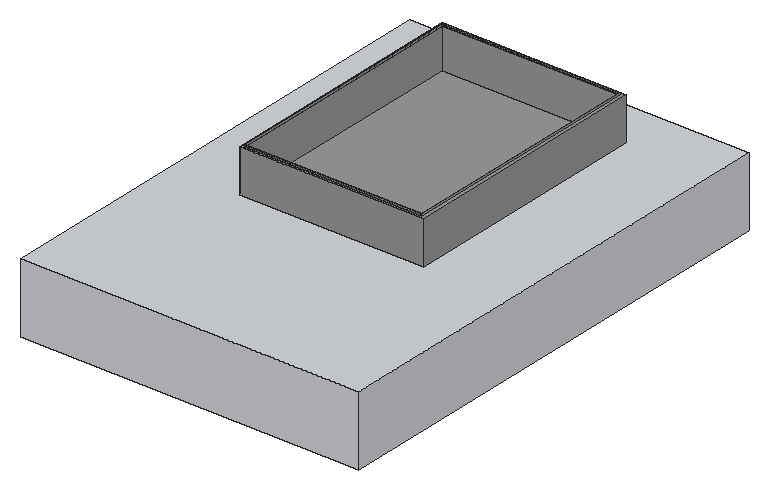
Revit family "Hager-Univers-IP30-D205-H1100-Cl.II-Encl-CH-it", category Equipement électrique, Revit 2020
Family settings
  Hôte = Face
  Configuration du panneau = Deux colonnes, circuits au sein
  Cote de connecteur circulaire = Utiliser le diamètre
  Type d'élément = Tableau de raccordement
  Couper avec des vides une fois chargée = Non
  Partagée = Non
  Point de calcul de pièce = Non
Parameters (values of type "A parete IP30 L800 A1100 P205  - FP73Q1S")
  Width Control [instance] = if([EF000008 - Larghezza] > Min Width, [EF000008 - Larghezza], Min Width)  # 800 mm
  Commentaires du type = [HG000003 - Gamma]  # "Univers"
  Thickness Door [instance] = if([EF009171 - spessore materiale porta/coperchio] > 3 mm, 3 mm, [EF009171 - spessore materiale porta/coperchio])  # 1 mm
  Seal Frame Offset [instance] = 17 mm  # constant formula
  Plinth Visibility [instance] = [HG000027 - Altezza dello zoccolo] > 0 mm  # no
  Model = ""
  Min Width [instance] = 100 mm  # constant formula
  Min Height [instance] = 100 mm  # constant formula
  Min Depth [instance] = (2 * [EF009170 - spessore materiale scatola]) + 1 mm  # 3 mm
  Internal Frame Depth [instance] = (Door System Depth * 0.5)  # 9 mm
  Height Control [instance] = if([EF000040 - Altezza] > Min Height, [EF000040 - Altezza], Min Height)  # 1100 mm
  HG000027 - Altezza dello zoccolo = 0 mm
  HG000026 - A pavimento = no
  HG000024 - Altezza della sezione inferiore = 800 mm
  HG000023 - Custodia a doppia sezione = no
  HG000016 - Visibilità delle porte nella vista 3D [instance] = yes
  HG000015 - Visibilità attraverso la porta [instance] = no
  HG000014 - Porta destra [instance] = yes
  HG000013 - Porta sinistra [instance] = not([HG000014 - Porta destra])  # no
  HG000012 - Angolo di apertura della porta [instance] = 30.00°
  HG000010 - Porte asimmetriche = no
  HG000009 - Porta doppia a battente = no
  HG000006 - Ad incasso = no
  HG000004 - Codice produttore = "FP73Q1S"
  HG000003 - Gamma = "Univers"
  HG000002 - Con porta = no
  Frame Offset Bottom [instance] = 10 mm  # constant formula
  Frame Offset [instance] = 15 mm  # constant formula
  EF015940 - Coprire con rilascio di sovrapressione = no
  EF011959 - tipo di protezione (NEMA) = ""
  EF009554 - numero delle aperture per la piastra della flangia = 6
  Fabricant = "Hager"  # constant formula
  EF009212 - esecuzione coperchio = "EV009916 - con taglio"
  EF009171 - spessore materiale porta/coperchio = 1 mm
  EF009170 - spessore materiale scatola = 1 mm
  EF008873 - corrente nominale (In) = 250 A
  EF007800 - adatto per parafulmine = no
  EF006306 - con serratura = no
  EF006244 - coperchio/porta trasparente = no
  EF005474 - grado di protezione (IP) = "EV006410 - IP30"
  EF004464 - tipo di porta = "EV000494 - senza"
  EF004427 - numero di moduli = 252
  EF004293 - resistenza agli urti = "EV006813 - IK07"
  EF003532 - adatto per uso esterno = no
  EF002950 - Numero moduli DIN = 36
  EF001613 - Integrità del circuito = "EV000494 - senza"
  EF001596 - Attacco Lampada = "EV000179 - acciaio"
  EF001131 - profondità interna = 130 mm
  EF001088 - possibilità di applicazione = yes
  EF000437 - numero di ingressi per conduttori = 6
  EF000339 - tipo di copertura = "EV000494 - senza"
  EF000266 - numero di file = 7
  EF000218 - profondità di incasso = 0 mm
  EF000118 - con piastra di montaggio = no
  EF000116 - numero RAL = "9010"
  EF000049 - profondità = 205 mm
  EF000040 - Altezza = 1100 mm
  EF000008 - Larghezza = 800 mm
  EF000007 - colore = "EV000202 - bianco"
  EF000003 - Tipo di montaggio = "EV000384 - A parete"
  Door System Leaf Tolerance [instance] = 1.5 mm  # constant formula
  Door System Depth [instance] = 18 mm  # constant formula
  Door Height [instance] = Height Control - [HG000027 - Altezza dello zoccolo]  # 1100 mm
  Depth Control [instance] = if([EF000049 - profondità] > Min Depth, [EF000049 - profondità], Min Depth)  # 205 mm
  Default Elevation = 0 mm
  Connector Offset [instance] = Height Control / 2  # 550 mm
  Bottom Top Plate Trim [instance] = 1.5 mm  # constant formula
  Plinth height Ctrl [instance] = if([HG000027 - Altezza dello zoccolo] > 0 mm, [HG000027 - Altezza dello zoccolo], 12 mm)  # 12 mm
Types (5, lengths in mm): name | Width Control | HG000004 - Codice produttore | EF009554 - numero delle aperture per la piastra della flangia | EF004427 - numero di moduli | EF002950 - Numero moduli DIN | EF000437 - numero di ingressi per conduttori | EF000008 - Larghezza
  A parete IP30 L1050 A1100 P205  - FP74Q1S | 1050 | "FP74Q1S" | 8 | 336 | 48 | 8 | 1050
  A parete IP30 L1300 A1100 P205  - FP75Q1S | 1300 | "FP75Q1S" | 10 | 420 | 60 | 10 | 1300
  A parete IP30 L300 A1100 P205  - FP71Q1S | 300 | "FP71Q1S" | 2 | 84 | 12 | 2 | 300
  A parete IP30 L550 A1100 P205  - FP72Q1S | 550 | "FP72Q1S" | 4 | 168 | 24 | 4 | 550
  A parete IP30 L800 A1100 P205  - FP73Q1S | 800 | "FP73Q1S" | 6 | 252 | 36 | 6 | 800
Reference planes
  plane 1 "Center (Front/Back)": y = 0
  plane 2: z = 0
  plane 3 "Center (Left/Right)": x = 0
  plane 4: z = 205
  plane 5: y = 1
  plane 6: y = 550
  plane 7: y = 0
  plane 8: y = 1100
  plane 9: z = 0
  plane 10: x = -385
  plane 11: x = 385
  plane 12: x = 384
  plane 13: x = -384
  plane 14: y = 1099
  plane 15: x = -383
  plane 16: x = -400
  plane 17: x = 383
  plane 18: x = 400
  plane 19: x = 399
  plane 20: x = -399
  plane 21: y = 11
  plane 22: y = 1100
  plane 23: y = 1084
  plane 24: z = 187
  plane 25: z = 1
  plane 26: z = 186
  plane 27: z = 204
Forms (mm)
  Extrusion 1, solid
    sketch origin (0, 0, 0) x (1, 0, 0) y (0, 1, 0)
      loop
        line (-702.964, 1305) -> (-702.964, -811.445) -> (766.763, -811.445) -> (766.763, 1305) -> (-702.964, 1305)
    from 0 to -304.8
  Extrusion 2, solid, material "Hager_Steel_RAL7035_Light_Grey", visible <- "Plinth Visibility", detail levels medium+fine
    sketch origin (0, 0, 0) x (1, 0, 0) y (0, 1, 0)
      loop
        line (-400, 0) -> (400, 0) -> (400, 12) -> (-400, 12) -> (-400, 0)
    from 0 to 187
  Extrusion 3, solid, material "Hager_Steel_RAL7035_Light_Grey", detail levels medium+fine
    sketch origin (0, 0, 0) x (1, 0, 0) y (0, 1, 0)
      loop
        line (-400, 0) -> (400, 0) -> (400, 1100) -> (-400, 1100) -> (-400, 0)
    from 0 to 187
  Extrusion 4, void
    sketch origin (0, 0, 0) x (1, 0, 0) y (0, 1, 0)
      loop
        line (-399, 1) -> (399, 1) -> (399, 1099) -> (-399, 1099) -> (-399, 1)
    from 1 to 186
  Extrusion 5, void
    sketch origin (-381.607, -4572, 187) x (0, -1, 0) y (-1, 0, 0)
      loop
        line (-4583, 2.393) -> (-5656, 2.393) -> (-5656, -765.607) -> (-4583, -765.607) -> (-4583, 2.393)
    from 0 to 1 <- "EF009170 - spessore materiale scatola"
  Extrusion 6, solid, material "Hager_Steel_RAL7035_Light_Grey", detail levels fine
    sketch origin (0, 0, 187) x (1, 0, 0) y (0, 1, 0)
      loop
        line (-384, 1084) -> (-384, 11) -> (384, 11) -> (384, 1084) -> (-384, 1084)
      loop
        line (-385, 10) -> (385, 10) -> (385, 1085) -> (-385, 1085) -> (-385, 10)
    from 0 to 9 <- "Internal Frame Depth"
  Extrusion 7, solid, material "Hager_Steel_RAL7035_Light_Grey", detail levels coarse
    sketch origin (0, 0, 0) x (1, 0, 0) y (0, 1, 0)
      loop
        line (-400, 0) -> (400, 0) -> (400, 1100) -> (-400, 1100) -> (-400, 0)
    from 0 to 205
  Sweep 8, void
    path in 3D
      loop
        line (-400, 12, 0) -> (400, 12, 0) -> (400, 12, 187) -> (-400, 12, 187) -> (-400, 12, 0)
    profile origin (-400, 12, 93.5) x (-1, 0, 0) y (0, -1, 0)
      loop
        line (0, 0) -> (0, 1.5) -> (-1.5, 1.5)
        arc (-1.5, 1.5) -> (-1.061, 0.439) -> (0, 0) r 1.5
Cuts and joins
  Extrusion 4, Extrusion 5 cuts Extrusion 3
  Sweep 8 cuts Extrusion 2
Lines and regions (mm)
  Masking region 1
    outline origin (0, 0, 0) x (1, 0, 0) y (0, 0, 1)
      loop
        line (-400, 205) -> (-400, 0) -> (400, 0) -> (400, 205) -> (-400, 205)
  Masking region 2, detail levels medium+fine
    outline origin (0, 140, 0) x (0, 1, 0) y (0, 0, 1)
      loop
        line (-140, 0) -> (960, 0) -> (960, 187) -> (-140, 187) -> (-140, 0)
  Masking region 3, not visible, detail levels medium+fine
    outline origin (0, 297.922, 0) x (0, 1, 0) y (0, 0, 1)
      loop
        line (263.578, 0) -> (303.578, 0) -> (303.578, 194)
        arc (303.578, 194) -> (300.649, 201.071) -> (293.578, 204) r 10
        line (293.578, 204) -> (263.578, 204) -> (263.578, 0)
  Masking region 4, detail levels coarse
    outline origin (0, 0, 180) x (0, 1, 0) y (0, 0, 1)
      loop
        line (0, -180) -> (1100, -180) -> (1100, 25) -> (0, 25) -> (0, -180)
  Masking region 5, visible <- "Plinth Visibility", detail levels medium+fine
    outline origin (0, 52.24, 12.345) x (0, 0, -1) y (0, 1, 0)
      loop
        line (10.845, -40.24) -> (-173.155, -40.24)
        arc (-173.155, -40.24) -> (-173.594, -41.301) -> (-174.655, -41.74) r 1.5
        line (-174.655, -41.74) -> (-174.655, -52.24) -> (12.345, -52.24) -> (12.345, -41.74)
        arc (12.345, -41.74) -> (11.285, -41.301) -> (10.845, -40.24) r 1.5
  Masking region 6, detail levels medium+fine
    outline origin (-381.607, -4572, 187) x (-1, 0, 0) y (0, -1, 0)
      loop
        line (18.393, -5672) -> (18.393, -4572) -> (-781.607, -4572) -> (-781.607, -5672) -> (18.393, -5672)
  Masking region 7, visible <- "Plinth Visibility", detail levels medium+fine
    outline origin (-381.607, -4727, 187) x (-1, 0, 0) y (0, -1, 0)
      loop
        arc (16.893, -4739) -> (17.332, -4737.939) -> (18.393, -4737.5) r 1.5
        line (18.393, -4737.5) -> (18.393, -4727) -> (-781.607, -4727) -> (-781.607, -4737.5)
        arc (-781.607, -4737.5) -> (-780.546, -4737.939) -> (-780.107, -4739) r 1.5
        line (-780.107, -4739) -> (16.893, -4739)
  Masking region 8, detail levels coarse
    outline origin (-442.548, -4669.526, 187) x (-1, 0, 0) y (0, -1, 0)
      loop
        line (-42.548, -5769.526) -> (-42.548, -4669.526) -> (-842.548, -4669.526) -> (-842.548, -5769.526) -> (-42.548, -5769.526)
  sketch lines
    curve 1: line (-400, 12, 187) -> (-400, 12, 0)
    curve 2: line (400, 12, 187) -> (-400, 12, 187)
    curve 3: line (400, 12, 187) -> (400, 12, 0)
    curve 4: line (-400, 12, 0) -> (400, 12, 0)
Dimensions and locks
  "Depth Control": plane 4 to Extrusion 1
  "HG000027 - Altezza dello zoccolo": plane 1 "Center (Front/Back)" to plane 7
  "EF009170 - spessore materiale scatola": plane 5 to plane 7
  locked: connector elem to plane 3 "Center (Left/Right)"
  equal spacing: plane 8, plane 6, plane 7
  locked: connector elem to plane 6
  "EF009170 - spessore materiale scatola": plane 8 to plane 14
  "EF009170 - spessore materiale scatola": plane 10 to plane 13
  "EF009170 - spessore materiale scatola": plane 12 to plane 11
  "Frame Offset": plane 20 to plane 13
  "Frame Offset": plane 12 to plane 19
  "EF009170 - spessore materiale scatola": plane 16 to plane 20
  "EF009170 - spessore materiale scatola": plane 19 to plane 18
  "Seal Frame Offset": plane 16 to plane 15
  "Seal Frame Offset": plane 17 to plane 18
  "Frame Offset Bottom": plane 21 to plane 5
  "Frame Offset": plane 14 to plane 23
  equal spacing: plane 16, plane 3 "Center (Left/Right)", plane 18
  "Width Control": plane 16 to plane 18
  "EF009170 - spessore materiale scatola": plane 4 to plane 27
  "EF009170 - spessore materiale scatola": plane 24 to plane 26
  "EF009170 - spessore materiale scatola": plane 25 to level
  "Door System Depth": plane 4 to plane 24
  "Height Control": plane 1 "Center (Front/Back)" to Extrusion 7 sketch curve
  "Height Control": Masking region 4 sketch curve to plane 1 "Center (Front/Back)"
  "Height Control": plane 1 "Center (Front/Back)" to plane 22
  "Bottom Top Plate Trim": profile plane to Sweep 8 sketch curve
  "Bottom Top Plate Trim": Sweep 8 sketch curve to profile plane
  "Plinth height Ctrl": plane 1 "Center (Front/Back)" to Extrusion 2 sketch curve
  "Plinth height Ctrl": Masking region 5 sketch curve to plane 1 "Center (Front/Back)"
  "Plinth height Ctrl": plane 1 "Center (Front/Back)" to Masking region 7 sketch curve
  "Thickness Door": Extrusion 6 sketch curve to Extrusion 6 sketch curve  (x3)
  "Thickness Door": cut or joined group of Extrusion 3, Extrusion 4, Extrusion 5 to Extrusion 6 sketch curve
  radius of Masking region 3 sketch curve = 10 mm
  "Bottom Top Plate Trim": radius of Masking region 5 sketch curve  (x2)
  "Bottom Top Plate Trim": radius of Sweep 8 sketch curve
  "Bottom Top Plate Trim": radius of Masking region 7 sketch curve  (x2)
  aligned and locked: plane 2 to Extrusion 1
  aligned and locked: level to Extrusion 1
  aligned and locked: level to Masking region 1 sketch curve
  aligned and locked: Masking region 1 sketch curve to plane 18
  aligned and locked: Masking region 1 sketch curve to plane 16
  aligned and locked: plane 7 to Masking region 2 sketch curve
  aligned and locked: level to Masking region 3 sketch curve
  aligned and locked: Masking region 3 sketch curve to plane 27
  aligned and locked: level to Masking region 2 sketch curve
  aligned and locked: plane 1 "Center (Front/Back)" to Extrusion 2 sketch curve
  aligned and locked: Extrusion 3 sketch curve to plane 7
  aligned and locked: plane 16 to Extrusion 3 sketch curve
  aligned and locked: plane 18 to Extrusion 3 sketch curve
  aligned and locked: plane 20 to Extrusion 4 sketch curve
  aligned and locked: plane 19 to Extrusion 4 sketch curve
  aligned and locked: Extrusion 4 sketch curve to plane 5
  aligned and locked: Extrusion 4 to plane 25
  aligned and locked: plane 26 to Extrusion 4
  aligned and locked: plane 24 to Extrusion 3
  aligned and locked: Extrusion 5 sketch curve to plane 21
  aligned and locked: Extrusion 5 sketch curve to plane 13
  aligned and locked: Extrusion 5 sketch curve to plane 12
  aligned and locked: plane 18 to Extrusion 7 sketch curve
  aligned and locked: plane 1 "Center (Front/Back)" to Extrusion 7 sketch curve
  aligned and locked: plane 16 to Extrusion 7 sketch curve
  aligned and locked: plane 4 to Extrusion 7
  aligned and locked: Extrusion 7 to level
  aligned and locked: level to Masking region 4 sketch curve
  aligned and locked: Masking region 4 sketch curve to plane 1 "Center (Front/Back)"
  aligned and locked: Masking region 4 sketch curve to plane 4
  aligned and locked: nested 1 to level
  aligned and locked: nested 1 to plane 16
  aligned and locked: plane 8 to Extrusion 3 sketch curve
  aligned and locked: plane 23 to Extrusion 5 sketch curve
  aligned and locked: plane 14 to Extrusion 4 sketch curve
  aligned and locked: Masking region 2 sketch curve to plane 8
  aligned and locked: level to Masking region 5 sketch curve
  aligned and locked: plane 16 to Extrusion 2 sketch curve
  aligned and locked: plane 18 to Extrusion 2 sketch curve
  aligned and locked: Masking region 5 sketch curve to plane 24
  aligned and locked: Masking region 2 sketch curve to plane 24
  aligned and locked: plane 24 to Extrusion 2
  aligned and locked: profile plane to Sweep 8 sketch curve  (x2)
  aligned and locked: Masking region 6 sketch curve to plane 18
  aligned and locked: Masking region 6 sketch curve to plane 22
  aligned and locked: Masking region 6 sketch curve to plane 16
  aligned and locked: plane 8 to plane 22
  aligned and locked: Masking region 6 sketch curve to plane 7
  aligned and locked: Masking region 7 sketch curve to plane 16
  aligned and locked: Masking region 7 sketch curve to plane 1 "Center (Front/Back)"
  aligned and locked: Masking region 7 sketch curve to plane 18
  aligned and locked: Masking region 8 sketch curve to plane 1 "Center (Front/Back)"
  aligned and locked: Masking region 8 sketch curve to plane 18
  aligned and locked: Masking region 8 sketch curve to plane 22
  aligned and locked: Masking region 8 sketch curve to plane 16
  aligned and locked: nested 2 to plane 7
  aligned and locked: plane 3 "Center (Left/Right)" to nested 2
  aligned and locked: nested 2 to plane 24
  aligned and locked: Extrusion 6 sketch curve to cut or joined group of Extrusion 3, Extrusion 4, Extrusion 5  (x4)
Automatic sketch dimensions
  Extrusion 1 sketch curve to Extrusion 1 sketch curve = 1469.727 mm
  Extrusion 1 sketch curve to Extrusion 1 sketch curve = 2116.445 mm
  Masking region 1 sketch curve to plane 4 = 0 mm
  plane 6 to Masking region 3 sketch curve = 11.5 mm
  Masking region 3 sketch curve to Masking region 3 sketch curve = 30 mm
  Masking region 5 sketch curve to plane 1 "Center (Front/Back)" = 0 mm
Nested families
  nested 1: "Hager_Enclosure_Symbol" at (-400, 0, 0) x (1, 0, 0) z (0, -1, 0), Height <- "Depth Control", Width <- "Width Control", type "Hager_Enclosure_Symbol"
    with Width_Ctrl 800 mm, Width 800 mm, Height_Ctrl 205 mm, Height 205 mm, A_Width_Int 13.453 mm, A_Width 161.438 mm, A_Height_Ctrl 179.375 mm, A_Height 179.375 mm
  nested 2: "EC000058_Univers_Door" at (0, 0, 187) x (1, 0, 0) z (0, 1, 0), Leaf_Tolerance <- "Door System Leaf Tolerance", Angle <- "HG000012 - Angolo di apertura della porta", Door_Depth <- "Door System Depth", Door_Left <- "HG000013 - Porta sinistra", Transparent <- "EF006244 - coperchio/porta trasparente", Assymetrical <- "HG000010 - Porte asimmetriche", Width <- "Width Control", Clearance <- "HG000015 - Visibilità attraverso la porta", Double <- "HG000009 - Porta doppia a battente", 3d_Door <- "HG000016 - Visibilità delle porte nella vista 3D", Lock_Visibility <- "EF006306 - con serratura", Width_Ctrl <- "Width Control", Door_Right <- "HG000014 - Porta destra", Door <- "HG000002 - Con porta", Height <- "Door Height", Thickness <- "Thickness Door", type "EC000058_Univers_Door", detail levels medium+fine
    with min_wh 3 mm, Width_Ctrl 800 mm, Width 800 mm, Transparent no, Thickness 1 mm, Seal_Material Hager_Rubber, Lock_Visibility no, Lock_Material Hager_Plastic_RAL9005_Jet_Black, Leaf_Width 800 mm, Leaf_Tolerance_External_Sides 0 mm, Leaf_Tolerance 1.5 mm, Leaf_Offset 0 mm, Leaf_Height 1097 mm, Leaf_2_Width 800 mm, Leaf_2_Offset 400 mm, Leaf_1_Width 800 mm, Leaf_1_Offset 400 mm, Height_Ctrl 1100 mm, Height 1100 mm, Glass_Material Hager_Glass, Double_Clearance_Ctrl no, Double no, Door_Right_Ctrl no, Door_Right yes, Door_Material Hager_Steel_RAL7035_Light_Grey, Door_Left_Ctrl no, Door_Left no, Door_Depth 18 mm, Door no, Clearance_Material Hager_Clearance, Clearance_Depth 800 mm, Clearance_Ctrl no, Clearance no, Assymetrical no, Angle 30.00°, 3d_Door yes
Connectors
  electrical at (0, 550, 0)
    settings: on plane 9, index 1, voltage 0 V, apparent load 0 VA, apparent load phase1 0 VA, apparent load phase2 0 VA, apparent load phase3 0 VA, power factor 1, load classification "Other", number of poles 1, system type 30, power factor state 1, is connector primary yes, connector utility no, sub classification motor no, connector description ""
Definition of nested family "Hager_Enclosure_Symbol"
  Parameters (values of type "Hager_Enclosure_Symbol")
    Width_Ctrl [instance] = if(Width > 1 mm, Width, 1 mm)  # 102.27 mm
    Width [instance] = 102.27 mm
    Height_Ctrl [instance] = if(Height > 1 mm, Height, 1 mm)  # 66.5 mm
    A_Width_Int [instance] = if(A_Width / 12 > 2 mm, A_Width / 12, 2 mm)  # 4.364 mm
    A_Width [instance] = if(A_Height_Ctrl * 0.9 > 2 mm, A_Height_Ctrl * 0.9, 2 mm)  # 52.369 mm
    A_Height_Ctrl [instance] = if(A_Height > 2 mm, A_Height, 2 mm)  # 58.188 mm
    Height [instance] = 66.5 mm
    A_Height [instance] = Height - (Height / 8)  # 58.188 mm
  Reference planes
    plane 1 "Centre (avant/arrière)": y = 0
    plane 2: z = 0
    plane 3 "Centre (gauche/droite)": x = 0
    plane 4: x = 52.369
    plane 5: y = 33.042
    plane 6: y = 41.77
    plane 7: y = 66.5
    plane 8: x = 26.184
    plane 9: y = 37.406
    plane 10: x = 102.27
    plane 11: y = 66.5
    plane 12: y = 8.313
  Lines and regions (mm)
    Filled region 1, type "Solid_Black", in view "Niveau de réf."
      outline origin (0, 0, 0) x (1, 0, 0) y (0, 1, 0)
        loop
          line (52.369, 66.5) -> (33.188, 54.536) -> (45.365, 45.006) -> (52.369, 66.5)
    Filled region 2, type "Solid_Black", in view "Niveau de réf."
      outline origin (0, 0, 0) x (1, 0, 0) y (0, 1, 0)
        loop
          line (0, 0) -> (102.27, 0) -> (102.27, 66.5) -> (0, 0)
    detail lines, in view "Niveau de réf."
      curve 1: line (0, 8.313, 0) -> (26.184, 41.77, 0)
      curve 2: line (26.184, 41.77, 0) -> (26.184, 33.042, 0)
      curve 3: line (26.184, 33.042, 0) -> (52.369, 66.5, 0)
  Dimensions and locks
    "A_Width": plane 3 "Centre (gauche/droite)" to plane 4
    equal spacing: plane 3 "Centre (gauche/droite)", plane 8, plane 4
    equal spacing: plane 6, plane 9, plane 5
    equal spacing: curve 3, Filled region 1 sketch curve, Filled region 1 sketch curve
    "Height_Ctrl": plane 1 "Centre (avant/arrière)" to plane 11
    "A_Height_Ctrl": plane 11 to plane 12
    equal spacing: plane 11, plane 9, plane 12
    "A_Width_Int": plane 6 to plane 9
    "Width_Ctrl": plane 3 "Centre (gauche/droite)" to plane 10
    angle Filled region 1 sketch curve to curve 3 = 20.00°
    angle curve 3 to Filled region 1 sketch curve = 20.00°
    locked: curve 3 to Filled region 1 sketch curve (angle 90.00°)
    aligned and locked: plane 10 to Filled region 2
    aligned and locked: plane 11 to Filled region 2 sketch curve
    aligned and locked: plane 10 to Filled region 2 sketch curve
    aligned and locked: plane 3 "Centre (gauche/droite)" to curve 1
    aligned and locked: plane 12 to curve 1
    aligned and locked: plane 7 to plane 11
  Automatic sketch dimensions
    Filled region 1 sketch curve to plane 4 = 0 mm
    Filled region 1 sketch curve to plane 7 = 0 mm
    plane 1 "Centre (avant/arrière)" to Filled region 2 sketch curve = 0 mm
    Filled region 2 sketch curve to plane 3 "Centre (gauche/droite)" = 0 mm
    curve 2 to plane 6 = 0 mm
    curve 2 to plane 8 = 0 mm
    curve 3 to plane 4 = 0 mm
    curve 2 to plane 5 = 0 mm
    curve 3 to plane 7 = 0 mm
Definition of nested family "EC000058_Univers_Door"
  Parameters (values of type "EC000058_Univers_Door")
    min_wh [instance] = (2 * Thickness) + 1 mm  # 11 mm
    Width_Ctrl [instance] = 400 mm
    Width [instance] = 500 mm
    Transparent [instance] = yes
    Thickness [instance] = 5 mm
    Seal_Material [instance] = none
    Lock_Visibility [instance] = yes
    Lock_Material [instance] = none
    Leaf_Width [instance] = if((Width_Ctrl - 2 * Leaf_Tolerance_External_Sides) > 0 mm, (Width_Ctrl - 2 * Leaf_Tolerance_External_Sides), min_wh)  # 400 mm
    Leaf_Tolerance_External_Sides [instance] = 0 mm  # constant formula
    Leaf_Tolerance [instance] = 1.5 mm
    Leaf_Offset [instance] = 0 mm  # constant formula
    Leaf_Height [instance] = if((Height_Ctrl - 2 * Leaf_Tolerance) > 0 mm, (Height_Ctrl - 2 * Leaf_Tolerance), min_wh)  # 497 mm
    Leaf_2_Width [instance] = if(and(and(Double, Assymetrical), Door_Left), (Leaf_Width / 3) - (Leaf_Tolerance / 2), if(and(and(Double, Assymetrical), Door_Right), (Leaf_Width / 3) * 2 - (Leaf_Tolerance / 2), if(and(Double, not(Assymetrical)), (Leaf_Width / 2) - Leaf_Tolerance, Leaf_Width)))  # 400 mm
    Leaf_2_Offset [instance] = if(and(Double, Assymetrical), Leaf_2_Width / 2, if(and(Double, not(Assymetrical)), Leaf_Width / 4, Leaf_Width / 2))  # 200 mm
    Leaf_1_Width [instance] = if(and(and(Double, Assymetrical), Door_Right), (Leaf_Width / 3) - (Leaf_Tolerance / 2), if(and(and(Double, Assymetrical), Door_Left), (Width / 3) * 2 - (Leaf_Tolerance / 2), if(and(Double, not(Assymetrical)), (Leaf_Width / 2) - Leaf_Tolerance, Leaf_Width)))  # 400 mm
    Leaf_1_Offset [instance] = if(and(Double, Assymetrical), Leaf_1_Width / 2, if(and(Double, not(Assymetrical)), Leaf_Width / 4, Leaf_Width / 2))  # 200 mm
    Height_Ctrl [instance] = if(Height > min_wh, Height, min_wh)  # 500 mm
    Height [instance] = 500 mm
    Glass_Material [instance] = none
    Double_Clearance_Ctrl [instance] = and(Double, Clearance)  # no
    Double [instance] = no
    Door_Right_Ctrl [instance] = and(or(Door_Right, Double), Door)  # yes
    Door_Right [instance] = yes
    Door_Material [instance] = none
    Door_Left_Ctrl [instance] = and(or(Door_Left, Double), Door)  # no
    Door_Left [instance] = no
    Door_Depth [instance] = 30 mm
    Door [instance] = yes
    Default Elevation = 1219.2 mm
    Clearance_Material [instance] = none
    Clearance_Depth [instance] = if(Leaf_1_Width > Leaf_2_Width, Leaf_1_Width, Leaf_2_Width)  # 400 mm
    Clearance_Ctrl [instance] = and(not(Double), Clearance)  # yes
    Clearance [instance] = yes
    Assymetrical [instance] = yes
    Angle [instance] = 30.00°
    3d_Door [instance] = yes
  Reference planes
    plane 1 "Center (Front/Back)": y = 0
    plane 2 "Bottom": z = 0
    plane 3 "Center (Left/Right)": x = 0
    plane 4: z = 500
    plane 5: x = -200
    plane 6: x = 200
    plane 7: z = 500
    plane 8: x = -200
    plane 9: z = 0
    plane 10: x = 200
    plane 11: y = 0
    plane 12: z = 1.5
    plane 13: x = -600
    plane 14: y = -400
    plane 15: x = 600
    plane 16: x = 0
    plane 17: x = 0
    plane 18: x = -200
    plane 19: x = 200
    plane 20: z = 498.5
  Forms (mm)
    Extrusion 1, solid, material <- "Clearance_Material", visible <- "Double_Clearance_Ctrl"
      sketch origin (1200, 0, 0) x (1, 0, 0) y (0, 0, -1)
        loop
          line (-1800, -498.5) -> (-600, -498.5) -> (-600, 0) -> (-1800, 0) -> (-1800, -498.5)
      from 0 to -400
  Dimensions and locks
    equal spacing: plane 5, plane 3 "Center (Left/Right)", plane 6
    "Width_Ctrl": plane 5 to plane 6
    "Leaf_Offset": plane 5 to plane 8
    "Leaf_Offset": plane 6 to plane 10
    "Leaf_Offset": plane 9 to level
    "Leaf_Offset": plane 4 to plane 7
    "Height_Ctrl": plane 4 to level
    "Leaf_Tolerance": plane 12 to plane 9
    locked: plane 11 to plane 1 "Center (Front/Back)"
    "Leaf_1_Offset": plane 18 to plane 16
    "Leaf_2_Offset": plane 17 to plane 19
    "Leaf_1_Width": plane 13 to plane 8
    "Leaf_2_Width": plane 10 to plane 15
    "Clearance_Depth": plane 14 to plane 1 "Center (Front/Back)"
    "Leaf_Tolerance_External_Sides": plane 8 to plane 18
    "Leaf_Tolerance_External_Sides": plane 19 to plane 10
    "Leaf_Tolerance": plane 7 to plane 20
    aligned and locked: level to plane 2 "Bottom"
    aligned and locked: nested 1 to plane 16
    aligned and locked: nested 2 to plane 17
    aligned and locked: Extrusion 1 to plane 13
    aligned and locked: plane 15 to Extrusion 1
    aligned and locked: Extrusion 1 to plane 14
    aligned and locked: plane 12 to nested 1
    aligned and locked: nested 2 to plane 12
    aligned and locked: Extrusion 1 to plane 11
    aligned and locked: plane 20 to Extrusion 1
    aligned and locked: nested 2 to plane 11
    aligned and locked: nested 1 to plane 11
  Automatic sketch dimensions
    Extrusion 1 sketch curve to level = 0 mm
    plane 5 to Extrusion 1 sketch curve = 400 mm
    plane 6 to Extrusion 1 sketch curve = 400 mm
    Extrusion 1 sketch curve to plane 4 = 1.5 mm
  Nested families
    nested 1: "EC000058_Univers_Door_Leaf" at (0, 0, 1.5), Width <- "Leaf_1_Width", visible <- "Door_Left_Ctrl", Leaf_Height <- "Leaf_Height", Angle <- "Angle", 3d_Door <- "3d_Door", Transparent <- "Transparent", Clearance Material <- "Clearance_Material", Clearance <- "Clearance_Ctrl", Door_Material <- "Door_Material", Glass_Material <- "Glass_Material", Door_Depth <- "Door_Depth", Lock_Material <- "Lock_Material", Seal_Material <- "Seal_Material", Lock_Visibility <- "Lock_Visibility", Thickness <- "Thickness", type "EC000058_Univers_Door_Leaf"
      with Width 400 mm, Transparent_Glass_Offset 30 mm, Transparent_Ctrl yes, Transparent yes, Thickness 5 mm, Standard no, Seal_Material none, Seal_D2 8 mm, Seal_D1 1 mm, Offset_Internal_Frame 10 mm, Lock_Width 20 mm, Lock_Visibility_3d yes, Lock_Visibility yes, Lock_Thickness_3 3 mm, Lock_Thickness_2 1 mm, Lock_Thickness_1 3 mm, Lock_Radius_Offset_2 16 mm, Lock_Radius_Offset_1 15 mm, Lock_Radius_2 5 mm, Lock_Radius 6 mm, Lock_Offset 5 mm, Lock_Material none, Lock_Height 80 mm, Lock_Cover_Top_Offset_2d 17 mm, Lock_Cover_Height -65 mm, Leaf_Height 497 mm, Internal_Seal_Thickness 8 mm, Internal_Seal_Depth_2 4.5 mm, Internal_Frame_Depth 25 mm, Glass_Thickness -1 mm, Glass_Offset -2 mm, Glass_Material none, Door_Material none, Door_Depth 30 mm, Clearance Material none, Clearance yes, Angle_Ctrl 30.00°, Angle 30.00°, 3d_Door yes
    nested 2: "EC000058_Univers_Door_Leaf" at (0, 0, 1.5) x (-1, 0, 0) z (0, 0, 1), Width <- "Leaf_2_Width", visible <- "Door_Right_Ctrl", Leaf_Height <- "Leaf_Height", Angle <- "Angle", 3d_Door <- "3d_Door", Transparent <- "Transparent", Clearance Material <- "Clearance_Material", Clearance <- "Clearance_Ctrl", Door_Material <- "Door_Material", Glass_Material <- "Glass_Material", Door_Depth <- "Door_Depth", Lock_Material <- "Lock_Material", Seal_Material <- "Seal_Material", Lock_Visibility <- "Lock_Visibility", Thickness <- "Thickness", type "EC000058_Univers_Door_Leaf"
      with Width 400 mm, Transparent_Glass_Offset 30 mm, Transparent_Ctrl yes, Transparent yes, Thickness 5 mm, Standard no, Seal_Material none, Seal_D2 8 mm, Seal_D1 1 mm, Offset_Internal_Frame 10 mm, Lock_Width 20 mm, Lock_Visibility_3d yes, Lock_Visibility yes, Lock_Thickness_3 3 mm, Lock_Thickness_2 1 mm, Lock_Thickness_1 3 mm, Lock_Radius_Offset_2 16 mm, Lock_Radius_Offset_1 15 mm, Lock_Radius_2 5 mm, Lock_Radius 6 mm, Lock_Offset 5 mm, Lock_Material none, Lock_Height 80 mm, Lock_Cover_Top_Offset_2d 17 mm, Lock_Cover_Height -65 mm, Leaf_Height 497 mm, Internal_Seal_Thickness 8 mm, Internal_Seal_Depth_2 4.5 mm, Internal_Frame_Depth 25 mm, Glass_Thickness -1 mm, Glass_Offset -2 mm, Glass_Material none, Door_Material none, Door_Depth 30 mm, Clearance Material none, Clearance yes, Angle_Ctrl 30.00°, Angle 30.00°, 3d_Door yes
  Definition of nested family "EC000058_Univers_Door_Leaf"
    Parameters (values of type "EC000058_Univers_Door_Leaf")
      Width [instance] = 2000 mm
      Transparent_Glass_Offset [instance] = 30 mm
      Transparent_Ctrl [instance] = and(Transparent, [3d_Door])  # yes
      Transparent [instance] = yes
      Thickness [instance] = 5 mm
      Standard [instance] = and(not(Transparent), [3d_Door])  # no
      Seal_Material [instance] = none
      Seal_D2 [instance] = 8 mm  # constant formula
      Seal_D1 [instance] = 1 mm  # constant formula
      Offset_Internal_Frame [instance] = 10 mm  # constant formula
      Lock_Width [instance] = 20 mm  # constant formula
      Lock_Visibility_3d [instance] = and(Lock_Visibility, [3d_Door])  # yes
      Lock_Visibility [instance] = yes
      Lock_Thickness_3 [instance] = 3 mm  # constant formula
      Lock_Thickness_2 [instance] = 1 mm  # constant formula
      Lock_Thickness_1 [instance] = 3 mm  # constant formula
      Lock_Radius_Offset_2 [instance] = Lock_Radius_Offset_1 + 1 mm  # 16 mm
      Lock_Radius_Offset_1 [instance] = 15 mm  # constant formula
      Lock_Radius_2 [instance] = Lock_Radius - 1 mm  # 5 mm
      Lock_Radius [instance] = 6 mm  # constant formula
      Lock_Offset [instance] = 5 mm  # constant formula
      Lock_Material [instance] = none
      Lock_Height [instance] = 80 mm  # constant formula
      Lock_Cover_Top_Offset_2d [instance] = Lock_Radius_Offset_2 + 1 mm  # 17 mm
      Lock_Cover_Height [instance] = -(Lock_Height - Lock_Radius_Offset_1)  # -65 mm
      Leaf_Height [instance] = 2720.336 mm
      Internal_Seal_Thickness [instance] = 8 mm  # constant formula
      Internal_Seal_Depth_2 [instance] = 4.5 mm  # constant formula
      Internal_Frame_Depth [instance] = if(Door_Depth - Thickness > 5 mm, Door_Depth - Thickness, 5 mm)  # 25 mm
      Glass_Thickness [instance] = if(Thickness > 15 mm, Glass_Offset + 10 mm, -1 mm)  # -1 mm
      Glass_Offset [instance] = if(Thickness > 15 mm, -(Thickness + 10 mm) / 2, -2 mm)  # -2 mm
      Glass_Material [instance] = none
      Door_Material [instance] = none
      Door_Depth [instance] = 30 mm
      Default Elevation = 0 mm
      Clearance Material [instance] = none
      Clearance [instance] = yes
      Angle_Ctrl [instance] = if(Angle > 180.00°, 180.00°, Angle)  # 90.00°
      Angle [instance] = 90.00°
      3d_Door [instance] = yes
    Reference planes
      plane 1 "Center (Front/Back)": y = 0
      plane 2: z = 0
      plane 3 "Center (Left/Right)": x = 0
      plane 4: y = 2000
      plane 5: x = -1000
      plane 6: x = 1000
      plane 7: x = -3000
      plane 8: z = 2720.336
      plane 9: z = 30
      plane 10: z = 2690.336
      plane 11: x = 970
      plane 12: x = -970
      plane 13: y = -3
      plane 14: z = 107.833
      plane 15: y = -5
      plane 16: y = -223.314
      plane 17: x = -1000
      plane 18: z = 1360.168
      plane 19: y = 30
    Forms (mm)
      Extrusion 1, solid, material <- "Clearance Material", visible <- "Clearance"
        sketch origin (0, 0, 0) x (1, 0, 0) y (0, 0, 1)
          loop
            line (-3000, 2720.336) -> (-3000, 0) -> (1000, 0) -> (1000, 2720.336) -> (-3000, 2720.336)
        from 0 to -2000
      Extrusion 2, solid, material <- "Door_Material", visible <- "Standard", detail levels medium+fine
        sketch origin (-1000, 0, 0) x (0, 1, 0) y (-1, 0, 0)
          loop
            line (0, 30) -> (0, 25) -> (2000, 25) -> (2000, 30) -> (0, 30)
        from 0 to 2720.336 <- "Leaf_Height"
      Extrusion 3, solid, material <- "Door_Material", visible <- "Transparent_Ctrl", detail levels medium+fine
        sketch origin (-1000, 0, 0) x (0, 1, 0) y (-1, 0, 0)
          loop
            line (0, 25) -> (2000, 25) -> (2000, 30) -> (0, 30) -> (0, 25)
        from 0 to 2720.336 <- "Leaf_Height"
      Extrusion 4, void
        sketch origin (-1025, 2000, 0) x (0, 1, 0) y (0, 0, -1)
          loop
            line (-30, -2690.336) -> (-30, -30) -> (-1970, -30) -> (-1970, -2690.336) -> (-30, -2690.336)
        from 0 to 5 <- "Thickness"
      Sweep 5, solid, material <- "Seal_Material", visible <- "Transparent_Ctrl", detail levels fine
        path in 3D
          loop
            line (-1025, 30, 30) -> (-1025, 30, 2690.336) -> (-1025, 1970, 2690.336) -> (-1025, 1970, 30) -> (-1025, 30, 30)
        profile origin (-1025, 1000, 30) x (1, 0, 0) y (0, 0, 1)
          loop
            line (0, 0) -> (0, -8) -> (1, -8) -> (1, 0) -> (0, 0)
      Extrusion 6, solid, material <- "Glass_Material", visible <- "Transparent_Ctrl", detail levels medium+fine
        sketch origin (-1030, 0, 0) x (0, 1, 0) y (0, 0, -1)
          loop
            line (1970, -2690.336) -> (1970, -30) -> (30, -30) -> (30, -2690.336) -> (1970, -2690.336)
        from -2 <- "Glass_Offset" to -1 <- "Glass_Thickness"
      Extrusion 7, solid, material <- "Door_Material", visible <- "3d_Door", detail levels medium+fine
        sketch origin (-1025, 2000, 0) x (0, -1, 0) y (0, 0, -1)
          loop
            line (0, -2720.336) -> (2000, -2720.336) -> (2000, 0) -> (0, 0) -> (0, -2720.336)
          loop
            line (1995, -5) -> (5, -5) -> (5, -2715.336) -> (1995, -2715.336) -> (1995, -5)
        from 0 to 25 <- "Internal_Frame_Depth"
      Sweep 8, solid, material <- "Seal_Material", visible <- "Transparent_Ctrl", detail levels fine
        path in 3D
          loop
            line (-1025, 0, 0) -> (-1025, 2000, 0) -> (-1025, 2000, 2720.336) -> (-1025, 0, 2720.336) -> (-1025, 0, 0)
        profile origin (-1025, 0, 1360.168) x (1, 0, 0) y (0, 1, 0)
          loop
            line (0, 10) -> (2.975, 10)
            arc (2.975, 10) -> (4.053, 10.447) -> (4.5, 11.525) r 1.525
            line (4.5, 11.525) -> (4.5, 16.527)
            arc (4.5, 16.527) -> (4.069, 17.569) -> (3.027, 18) r 1.473
            line (3.027, 18) -> (0, 18) -> (0, 10)
      Extrusion 9, solid, material <- "Lock_Material", visible <- "Lock_Visibility_3d", detail levels fine
        sketch origin (-1030, 0, 0) x (0, 1, 0) y (0, 0, -1)
          loop
            arc (1993.5, -1400.168) -> (1994.561, -1399.729) -> (1995, -1398.668) r 1.5
            line (1995, -1398.668) -> (1995, -1320.168) -> (1975, -1320.168) -> (1975, -1398.668)
            arc (1975, -1398.668) -> (1975.439, -1399.729) -> (1976.5, -1400.168) r 1.5
            line (1976.5, -1400.168) -> (1993.5, -1400.168)
        from 3 <- "Lock_Thickness_1" to 0
      Blend 10, solid, material <- "Lock_Material", visible <- "Lock_Visibility_3d", detail levels fine
        base sketch origin (-1033, 0, 0) x (0, 1, 0) y (0, 0, -1)
          loop
            line (1975, -1320.168) -> (1975, -1398.668)
            arc (1975, -1398.668) -> (1975.439, -1399.729) -> (1976.5, -1400.168) r 1.5
            line (1976.5, -1400.168) -> (1993.5, -1400.168)
            arc (1993.5, -1400.168) -> (1994.561, -1399.729) -> (1995, -1398.668) r 1.5
            line (1995, -1398.668) -> (1995, -1320.168) -> (1975, -1320.168)
        top sketch origin (-1033, 0, 0) x (0, 1, 0) y (0, 0, -1)
          loop
            line (1976, -1320.168) -> (1976, -1398.668)
            arc (1976, -1398.668) -> (1976.146, -1399.022) -> (1976.5, -1399.168) r 0.5
            line (1976.5, -1399.168) -> (1993.5, -1399.168)
            arc (1993.5, -1399.168) -> (1993.854, -1399.022) -> (1994, -1398.668) r 0.5
            line (1994, -1398.668) -> (1994, -1320.168) -> (1976, -1320.168)
        from 0 to 1 <- "Lock_Thickness_2"
      Blend 11, solid, material <- "Lock_Material", visible <- "Lock_Visibility_3d", detail levels fine
        base sketch origin (-1034, 0, 0) x (0, 1, 0) y (0, 0, -1)
          loop
            line (1978, -1320.168) -> (1978, -1384.168)
            arc (1978, -1384.168) -> (1985, -1391.168) -> (1992, -1384.168) r 7
            line (1992, -1384.168) -> (1992, -1320.168) -> (1978, -1320.168)
        top sketch origin (-1034, 0, 0) x (0, 1, 0) y (0, 0, -1)
          loop
            line (1991, -1320.168) -> (1979, -1320.168) -> (1979, -1383.168)
            arc (1979, -1383.168) -> (1985, -1389.168) -> (1991, -1383.168) r 6
            line (1991, -1383.168) -> (1991, -1320.168)
        from 0 to 3 <- "Lock_Thickness_3"
      Extrusion 12, solid, material <- "Lock_Material", visible <- "Lock_Visibility_3d", detail levels fine
        sketch origin (-1030, 1975, 1320.168) x (1, 0, 0) y (0, -1, 0)
          loop
            line (-7, -19) -> (-7, -1) -> (0, -1) -> (0, 0) -> (-8, 0) -> (-8, -20) -> (0, -20) -> (0, -19) -> (-7, -19)
        from 0 to -65 <- "Lock_Cover_Height"
      Extrusion 13, void
        sketch origin (-1038, 1995, 1320.168) x (-1, 0, 0) y (0, 0, -1)
          loop
            line (-5, -65) -> (0, -65) -> (-5, -60) -> (-5, -65)
        from 0 to 20 <- "Lock_Width"
      Extrusion 14, void
        sketch origin (-1038, 1975, 1320.168) x (0, -1, 0) y (0, 0, -1)
          loop
            circle (-10, -15.995) r 6
          loop
            circle (-10, -15.995) r 5
        from 0 to 2
      Extrusion 15, solid, material <- "Lock_Material", visible <- "Lock_Visibility_3d", detail levels medium
        sketch origin (-1030, 0, 0) x (0, 1, 0) y (0, 0, -1)
          loop
            arc (1993.5, -1400.168) -> (1994.561, -1399.729) -> (1995, -1398.668) r 1.5
            line (1995, -1398.668) -> (1995, -1320.168) -> (1975, -1320.168) -> (1975, -1398.668)
            arc (1975, -1398.668) -> (1975.439, -1399.729) -> (1976.5, -1400.168) r 1.5
            line (1976.5, -1400.168) -> (1993.5, -1400.168)
        from 8 to 0
    Cuts and joins
      Extrusion 4 cuts Extrusion 3
      Extrusion 13, Extrusion 14 cuts Extrusion 9
      Extrusion 14 cuts Blend 11
      Extrusion 13, Extrusion 14 cuts Extrusion 12
      joined: Extrusion 9, Blend 10, Blend 11, Extrusion 12
      Extrusion 14 cuts Extrusion 15
    Lines and regions (mm)
      Masking region 1, visible <- "Lock_Visibility", detail levels fine
        outline origin (0, 0, 0) x (0, 1, 0) y (0, 0, 1)
          loop
            line (30, 1320.168) -> (33, 1320.168) -> (33, 1400.168) -> (30, 1400.168) -> (30, 1320.168)
      Masking region 2, visible <- "Lock_Visibility", detail levels fine
        outline origin (0, 3.143, 0) x (0, 1, 0) y (0, 0, 1)
          loop
            line (29.857, 1354.168) -> (30.857, 1354.168) -> (30.857, 1366.168) -> (29.857, 1366.168) -> (29.857, 1354.168)
      Masking region 3, detail levels medium+fine
        outline origin (0, 0, 0) x (0, 1, 0) y (0, 0, 1)
          loop
            line (0, 0) -> (30, 0) -> (30, 2720.336) -> (0, 2720.336) -> (0, 0)
      Masking region 4, detail levels medium+fine
        outline origin (0, 0, 0) x (1, 0, 0) y (0, 0, 1)
          loop
            line (-1000, 2720.336) -> (-1000, 0) -> (1000, 0) -> (1000, 2720.336) -> (-1000, 2720.336)
      Masking region 5, visible <- "Lock_Visibility", detail levels fine
        outline origin (-47.116, 0, 0) x (1, 0, 0) y (0, 0, 1)
          loop
            arc (1024.616, 1399.168) -> (1023.556, 1398.729) -> (1023.116, 1397.668) r 1.5
            line (1023.116, 1397.668) -> (1023.116, 1320.168) -> (1041.116, 1320.168) -> (1041.116, 1397.668)
            arc (1041.116, 1397.668) -> (1040.677, 1398.729) -> (1039.616, 1399.168) r 1.5
            line (1039.616, 1399.168) -> (1024.616, 1399.168)
      Masking region 6, visible <- "Lock_Visibility", detail levels medium+fine
        outline origin (-25, 0, 0) x (1, 0, 0) y (0, 0, 1)
          loop
            arc (1001.5, 1400.168) -> (1000.439, 1399.729) -> (1000, 1398.668) r 1.5
            line (1000, 1398.668) -> (1000, 1320.168) -> (1020, 1320.168) -> (1020, 1398.668)
            arc (1020, 1398.668) -> (1019.561, 1399.729) -> (1018.5, 1400.168) r 1.5
            line (1018.5, 1400.168) -> (1001.5, 1400.168)
      Masking region 7, visible <- "Lock_Visibility", detail levels fine
        outline origin (-73.735, 0, 0) x (1, 0, 0) y (0, 0, 1)
          loop
            line (1051.735, 1382.168) -> (1065.735, 1382.168) -> (1065.735, 1384.168)
            arc (1065.735, 1384.168) -> (1058.735, 1391.168) -> (1051.735, 1384.168) r 7
            line (1051.735, 1384.168) -> (1051.735, 1382.168)
      Masking region 8, visible <- "Lock_Visibility", detail levels fine
        outline origin (-73.735, 0, 0) x (1, 0, 0) y (0, 0, 1)
          loop
            line (1052.735, 1382.168) -> (1064.735, 1382.168) -> (1064.735, 1383.168)
            arc (1064.735, 1383.168) -> (1058.735, 1389.168) -> (1052.735, 1383.168) r 6
            line (1052.735, 1383.168) -> (1052.735, 1382.168)
      Masking region 9, visible <- "Lock_Visibility", detail levels fine
        outline origin (-25, 0, 0) x (1, 0, 0) y (0, 0, 1)
          loop
            line (1020, 1320.168) -> (1020, 1382.168) -> (1000, 1382.168) -> (1000, 1320.168) -> (1020, 1320.168)
      Masking region 10, detail levels medium+fine
        outline origin (0, 0, 0) x (1, 0, 0) y (0, 0, 1)
          loop
            circle (985, 1335.144) r 6
      Masking region 11, detail levels fine
        outline origin (0, 0, 0) x (1, 0, 0) y (0, 0, 1)
          loop
            circle (985, 1335.144) r 5
      Masking region 12, visible <- "Lock_Visibility", detail levels fine
        outline origin (0, 12.767, 0) x (0, 1, 0) y (0, 0, 1)
          loop
            line (20.233, 1320.168) -> (21.233, 1320.168) -> (21.233, 1399.168) -> (20.233, 1400.168) -> (20.233, 1320.168)
      Masking region 13, visible <- "Lock_Visibility", detail levels fine
        outline origin (0, 13.767, -10) x (0, 1, 0) y (0, 0, 1)
          loop
            line (20.233, 1330.168) -> (23.233, 1330.168) -> (23.233, 1399.168) -> (20.233, 1402.168) -> (20.233, 1330.168)
      Masking region 14, visible <- "Lock_Visibility", detail levels fine
        outline origin (0, 12.767, -10) x (0, 1, 0) y (0, 0, 1)
          loop
            line (20.233, 1330.168) -> (25.233, 1330.168) -> (25.233, 1399.305) -> (20.233, 1394.305) -> (20.233, 1330.168)
      Masking region 15, visible <- "Lock_Visibility", detail levels medium
        outline origin (0, 0, 0) x (0, 1, 0) y (0, 0, 1)
          loop
            line (30, 1320.168) -> (38, 1320.168) -> (38, 1400.168) -> (30, 1400.168) -> (30, 1320.168)
      Masking region 16, visible <- "Lock_Visibility", detail levels fine
        outline origin (-1000, 0, 0) x (0, 1, 0) y (-1, 0, 0)
          loop
            line (1975, 30) -> (1995, 30) -> (1995, 38) -> (1975, 38) -> (1975, 30)
          loop
            line (1979, 37) -> (1976, 37) -> (1976, 34) -> (1978, 34) -> (1979, 37)
          loop
            line (1994, 37) -> (1991, 37) -> (1992, 34) -> (1994, 34) -> (1994, 37)
      Masking region 17, visible <- "Lock_Visibility", detail levels medium
        outline origin (-1000, 0, 0) x (0, 1, 0) y (-1, 0, 0)
          loop
            line (1975, 30) -> (1995, 30) -> (1995, 38) -> (1975, 38) -> (1975, 30)
      symbolic lines
        curve 1: line (1000, 0, 0) -> (-3000, 0, 0)
        curve 2: arc (1000, 0, 0) -> (-1000, 2000, 0) -> (-3000, 0, 0) r 2000
        curve 4: line (-1030, 0, 0) -> (-1030, 2000, 0)
      reference lines
        curve 3: line (-1000, 0, 0) -> (-1000, 2000, 0)
      symbolic lines, detail levels medium+fine
        curve 5: line (-1030, 2000, 0) -> (-1025, 2000, 0)
        curve 7: line (-1025, 0, 0) -> (-1030, 0, 0)
        curve 8: line (-1025, 0, 0) -> (-1000, 0, 0)
        curve 9: line (-1000, 0, 0) -> (-1000, 2000, 0)
        curve 10: line (-1000, 2000, 0) -> (-1025, 2000, 0)
      symbolic lines, detail levels fine
        curve 6: line (-1025, 2000, 0) -> (-1025, 0, 0)
      sketch lines
        curve 11: line (-1025, 0, 2720.336) -> (-1025, 0, 0)
        curve 12: line (-1025, 2000, 0) -> (-1025, 0, 0)
        curve 13: line (-1025, 2000, 2720.336) -> (-1025, 2000, 0)
        curve 14: line (-1025, 0, 2720.336) -> (-1025, 2000, 2720.336)
        curve 15: line (-1025, 1970, 30) -> (-1025, 30, 30)
        curve 16: line (-1025, 30, 30) -> (-1025, 30, 2690.336)
        curve 17: line (-1025, 1970, 2690.336) -> (-1025, 1970, 30)
        curve 18: line (-1025, 30, 2690.336) -> (-1025, 1970, 2690.336)
      symbolic lines, visible <- "Transparent", detail levels medium+fine
        curve 19: line (-970, 0, 2690.336) -> (970, 0, 2690.336)
        curve 20: line (-970, 0, 30) -> (-970, 0, 2690.336)
        curve 21: line (970, 0, 30) -> (-970, 0, 30)
        curve 22: line (970, 0, 2690.336) -> (970, 0, 30)
    Dimensions and locks
      "Width": plane 1 "Center (Front/Back)" to plane 4
      equal spacing: plane 5, plane 3 "Center (Left/Right)", plane 6
      "Width": plane 5 to plane 6
      "Width": plane 7 to plane 5
      "Leaf_Height": plane 8 to level
      "Width": curve 5 to curve 3
      "Width": curve 3 to curve 3
      plane 8 to plane 10 = 30 mm
      plane 9 to level = 30 mm
      plane 12 to plane 5 = 30 mm
      plane 6 to plane 11 = 30 mm
      Extrusion 1 to Extrusion 4 sketch curve = 30 mm
      "Transparent_Glass_Offset": curve 3 to Extrusion 4 sketch curve
      "Transparent_Glass_Offset": Extrusion 4 sketch curve to cut or joined group of Extrusion 3, Extrusion 4  (x2)
      cut or joined group of Extrusion 3, Extrusion 4 to Extrusion 6 sketch curve = 30 mm
      "Transparent_Glass_Offset": cut or joined group of Extrusion 3, Extrusion 4 to Extrusion 4 sketch curve
      "Thickness": curve 6 to curve 4
      "Thickness": Extrusion 7 sketch curve to Extrusion 7 sketch curve  (x4)
      "Door_Depth": curve 4 to curve 3
      "Offset_Internal_Frame": profile plane to Sweep 8 sketch curve
      "Internal_Seal_Thickness": Sweep 8 sketch curve to Sweep 8 sketch curve
      "Internal_Seal_Depth_2": profile plane to Sweep 8 sketch curve
      "Seal_D1": profile plane to Sweep 5 sketch curve
      "Seal_D2": profile plane to Sweep 5 sketch curve
      "Thickness": Extrusion 2 sketch curve to Extrusion 2 sketch curve
      equal spacing: Extrusion 9 sketch curve, plane 18, Extrusion 9 sketch curve  (x2)
      equal spacing: Masking region 1 sketch curve, plane 18, Masking region 1 sketch curve
      "Lock_Height": Masking region 1 sketch curve to Masking region 1 sketch curve
      "Lock_Radius": Masking region 2 sketch curve to plane 18 to Masking region 2 sketch curve
      Masking region 2 sketch curve to Masking region 1 = 1 mm
      "Door_Depth": plane 19 to plane 1 "Center (Front/Back)"
      "Lock_Thickness_1": Masking region 1 sketch curve to plane 19
      "Lock_Width": Extrusion 9 sketch curve to Extrusion 9 sketch curve
      "Lock_Height": Extrusion 9 sketch curve to Extrusion 9 sketch curve
      "Lock_Offset": cut or joined group of Extrusion 3, Extrusion 4 to Extrusion 9 sketch curve
      equal spacing: plane 8, plane 18, level
      "Lock_Radius_Offset_1": Blend 11 sketch curve to Blend 10
      locked: Blend 10 to Blend 11 sketch curve at 2  (x2)
      locked: var sketch to Blend 11 sketch curve at 1  (x2)
      "Lock_Radius_Offset_2": Blend 11 sketch curve to Blend 10
      locked: Extrusion 12 sketch curve to Extrusion 12 sketch curve at 1  (x3)
      Masking region 6 sketch curve to Masking region 6 sketch curve = 80 mm
      "Lock_Height": Masking region 6 sketch curve to Masking region 6 sketch curve
      "Lock_Width": Masking region 6 sketch curve to Masking region 6 sketch curve
      locked: Masking region 6 to Masking region 5 sketch curve at 1  (x3)
      locked: Masking region 5 to Masking region 7 sketch curve at 2  (x2)
      "Lock_Radius_Offset_1": Masking region 5 to Masking region 7 sketch curve
      "Lock_Radius_Offset_2": Masking region 5 to Masking region 8 sketch curve
      locked: Masking region 7 to Masking region 8 sketch curve at 1  (x2)
      "Lock_Cover_Top_Offset_2d": Masking region 5 to Masking region 9 sketch curve
      equal spacing: Masking region 9, Masking region 10 sketch curve, Masking region 9
      equal spacing: Masking region 9, Masking region 11 sketch curve, Masking region 9
      Extrusion 15 sketch curve to Extrusion 15 sketch curve = 80 mm
      "Lock_Width": Extrusion 15 sketch curve to Extrusion 15 sketch curve
      "Lock_Height": Extrusion 15 sketch curve to Extrusion 15 sketch curve
      equal spacing: Extrusion 15 sketch curve, plane 18, Extrusion 15 sketch curve
      "Lock_Thickness_3": Masking region 13 sketch curve to Masking region 13 sketch curve
      "Lock_Height": Masking region 12 sketch curve to Masking region 12 sketch curve
      locked: Masking region 13 sketch curve to Masking region 1 at 8
      locked: Masking region 14 sketch curve to Masking region 13 at 1
      locked: Masking region 14 sketch curve to Masking region 1 at 10.863
      "Lock_Height": Masking region 15 sketch curve to Masking region 15 sketch curve
      "Lock_Offset": Extrusion 15 sketch curve to cut or joined group of Extrusion 3, Extrusion 4
      "Lock_Offset": plane 6 to Masking region 6 sketch curve
      radius of Sweep 8 sketch curve = 1.525 mm
      radius of Sweep 8 sketch curve = 1.473 mm
      radius of Extrusion 9 sketch curve = 1.5 mm  (x2)
      "Lock_Radius": radius of Extrusion 14 sketch curve
      "Lock_Radius_2": radius of Extrusion 14 sketch curve
      "Lock_Radius": radius of Masking region 10 sketch curve
      "Lock_Radius_2": radius of Masking region 11 sketch curve
      radius of Extrusion 15 sketch curve = 1.5 mm  (x2)
      "Angle_Ctrl": angle plane 1 "Center (Front/Back)" to curve 3
      locked: Masking region 12 sketch curve to Masking region 12 sketch curve (angle 45.00°)
      locked: Masking region 13 sketch curve to Masking region 13 sketch curve (angle 45.00°)
      locked: Masking region 14 sketch curve to Masking region 14 sketch curve (angle 45.00°)
      aligned and locked: level to plane 2
      aligned and locked: Extrusion 1 to curve 1
      aligned and locked: plane 6 to Extrusion 1
      aligned and locked: Extrusion 1 to plane 1 "Center (Front/Back)"
      aligned and locked: plane 4 to Extrusion 1
      aligned and locked: plane 8 to Extrusion 1
      aligned and locked: curve 7 to Extrusion 2 sketch curve
      aligned and locked: curve 5 to Extrusion 2 sketch curve
      aligned and locked: curve 7 to Extrusion 3 sketch curve
      aligned and locked: Extrusion 3 sketch curve to curve 4
      aligned and locked: Extrusion 3 sketch curve to curve 6
      aligned and locked: Extrusion 3 sketch curve to curve 5
      aligned and locked: curve 9 to curve 3
      aligned and locked: Extrusion 7 sketch curve to cut or joined group of Extrusion 3, Extrusion 4  (x4)
      aligned and locked: plane 17 to curve 3
      aligned and locked: plane 1 "Center (Front/Back)" to curve 3
      aligned and locked: plane 17 to plane 5
      aligned and locked: Sweep 8 sketch curve to profile plane
      aligned and locked: Sweep 5 sketch curve to profile plane  (x2)
      aligned and locked: Masking region 1 to Masking region 2 sketch curve
      aligned and locked: plane 19 to Masking region 1 sketch curve
      aligned and locked: plane 1 "Center (Front/Back)" to Masking region 3 sketch curve
      aligned and locked: plane 19 to Masking region 3 sketch curve
      aligned and locked: level to Masking region 3 sketch curve
      aligned and locked: Masking region 3 sketch curve to plane 8
      aligned and locked: plane 17 to Masking region 4 sketch curve
      aligned and locked: level to Masking region 4 sketch curve
      aligned and locked: Masking region 4 sketch curve to plane 8
      aligned and locked: plane 12 to curve 20
      aligned and locked: plane 10 to curve 19
      aligned and locked: plane 11 to curve 22
      aligned and locked: curve 21 to plane 9
      aligned and locked: Extrusion 2 sketch curve to cut or joined group of Extrusion 3, Extrusion 4
      aligned and locked: Blend 10 sketch curve to Extrusion 9  (x4)
      aligned and locked: Extrusion 9 to Blend 10 sketch curve
      aligned and locked: Blend 10 to Blend 11 sketch curve
      aligned and locked: Extrusion 12 sketch curve to Blend 11
      aligned and locked: Extrusion 12 sketch curve to Extrusion 9  (x4)
      aligned and locked: Masking region 5 sketch curve to Masking region 6
      aligned and locked: Masking region 9 sketch curve to Masking region 6  (x3)
      aligned and locked: Masking region 12 sketch curve to Masking region 1
      aligned and locked: Masking region 13 sketch curve to Masking region 1
      aligned and locked: Masking region 12 to Masking region 14
      aligned and locked: Masking region 14 sketch curve to Masking region 1
      aligned and locked: Masking region 15 sketch curve to Masking region 14
      aligned and locked: Masking region 13 sketch curve to Masking region 12
      aligned and locked: Masking region 16 sketch curve to cut or joined group of Extrusion 14, Extrusion 15  (x4)
      aligned and locked: Masking region 16 sketch curve to cut or joined group of Extrusion 9, Blend 10, Blend 11, Extrusion 12, Extrusion 13, Extrusion 14  (x6)
      aligned and locked: cut or joined group of Extrusion 9, Blend 10, Blend 11, Extrusion 12, Extrusion 13, Extrusion 14 to Masking region 16 sketch curve
      aligned and locked: Masking region 17 sketch curve to cut or joined group of Extrusion 14, Extrusion 15  (x3)
      aligned and locked: Masking region 17 sketch curve to cut or joined group of Extrusion 9, Blend 10, Blend 11, Extrusion 12, Extrusion 13, Extrusion 14
      aligned and locked: Masking region 9 to Masking region 8 sketch curve
      aligned and locked: Masking region 9 to Masking region 7 sketch curve
    Automatic sketch dimensions
      plane 1 "Center (Front/Back)" to curve 2 = 0 mm
      curve 2 to plane 5 = 0 mm
      Extrusion 1 sketch curve to level = 0 mm
      Extrusion 1 sketch curve to plane 7 = 0 mm
      Extrusion 1 sketch curve to plane 6 = 0 mm
      Extrusion 1 sketch curve to plane 8 = 0 mm
      Extrusion 3 to Extrusion 6 sketch curve = 30 mm  (x4)
      Masking region 4 sketch curve to plane 6 = 0 mm
      Blend 10 sketch curve to Extrusion 9 = 1.5 mm
      Blend 10 sketch curve to Extrusion 9 = 1 mm
      Extrusion 13 sketch curve to Extrusion 12 = 0 mm  (x2)
      Extrusion 12 to Extrusion 13 sketch curve = 3 mm
      Extrusion 13 sketch curve to Extrusion 12 = 5 mm
      Extrusion 14 sketch curve to Extrusion 14 sketch curve = 0 mm  (x2)
      Extrusion 14 sketch curve to Extrusion 12 = 10 mm
      Extrusion 14 sketch curve to Extrusion 12 = 15.995 mm
      Masking region 5 sketch curve to Masking region 5 sketch curve = 1.5 mm  (x2)
      Masking region 10 sketch curve to plane 18 = 25.024 mm
      Masking region 11 sketch curve to plane 18 = 25.024 mm
      plane 19 to Masking region 14 sketch curve = 3 mm
      Masking region 16 sketch curve to Masking region 16 sketch curve = 3 mm
      curve 4 to curve 3 = 0 mm
      Blend 10 to Blend 11 sketch curve = 0 mm
      Masking region 6 sketch curve to Masking region 6 sketch curve = 1.5 mm  (x2)
      Masking region 6 sketch curve to plane 18 = 40 mm
      plane 19 to Masking region 12 sketch curve = 3 mm
      Masking region 12 sketch curve to Masking region 12 sketch curve = 1 mm
      Masking region 15 sketch curve to plane 19 = 0 mm
      Masking region 15 sketch curve to plane 18 = 40 mm
      radius of Blend 10 sketch curve to Extrusion 9 = 1 mm
